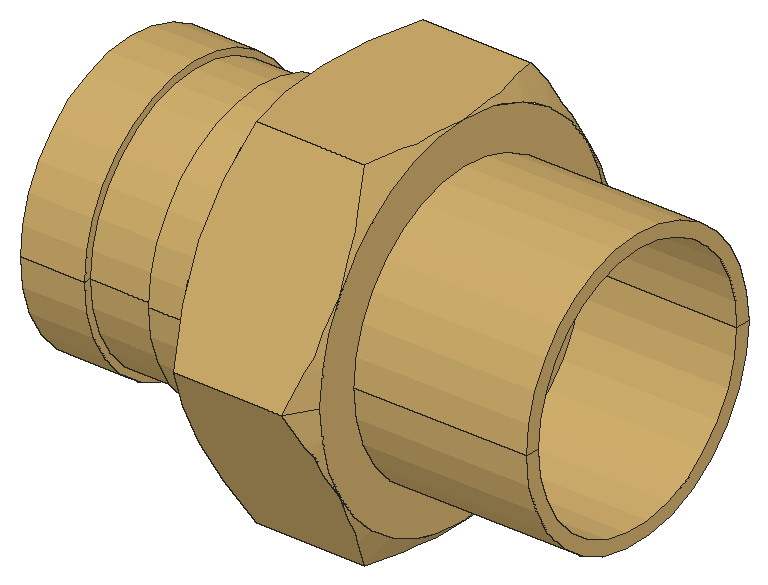
Revit family "UPEX_Conector_Mac", category Pipe Fittings, Revit 2025
Family settings
  Round Connector Dimension = Use Radius
  Part Type = Cap
  OmniClass Number = 23.60.30.11.14
  OmniClass Title = Pipework Fittings
  Work Plane-Based = No
  Always vertical = Yes
  Cut with Voids When Loaded = No
  Shared = No
Parameters
  URL = "https://www.ultrapex.com.br/_files/ugd/9f3173_32d47a29bbff48b5af4781a5d529eee8.pdf"
  ULTRAPEX: Versão = "01"  # constant formula
  ULTRAPEX: Norma Técnica = "NBR 15939"  # constant formula
  ULTRAPEX: Descrição [instance] = size_lookup(LookupTable, "DES", "Produto Inexistente", DN1, DN2)  # "Conector Macho 16x1/2\" - ULTRAPEX"
  ULTRAPEX: Código [instance] = size_lookup(LookupTable, "COD", 0, DN1, DN2)  # 9031612
  Type Image = Conector Macho.jpg
  RN2 [instance] = 10 mm
  RN1 [instance] = 8 mm
  Material = Latão - Ultrapex
  LookupTable [instance] = "Conector Macho - ULTRAPEX"
  Lado Conector [instance] = 2 * ((Cota A / 2) * cos(60.00°))  # 15.05 mm
  IfcExportAs = "IfcPipeFittingType.CONNECTOR"  # constant formula
  Manufacturer = "UltraPEX"  # constant formula
  Default Elevation = 0 mm
  Description = "Conector Macho - ULTRAPEX"
  RR2 [instance] = DN2 / 2  # 10.05 mm
  DN3 [instance] = ((Cota A / 2) * sin(60.00°))  # 13.034 mm
  DN2 Nominal [instance] = RN2 * 2  # 20 mm
  DN2 [instance] = if(DN2 Nominal = 20 mm, 20.1 mm, if(DN2 Nominal = 25 mm, 26.4 mm, if(DN2 Nominal = 32 mm, 33.4 mm, 20 mm)))  # 20.1 mm
  DN1 [instance] = RN1 * 2  # 16 mm
  Cota E [instance] = Cota B - Cota C - Cota D  # 10.2 mm
  Cota D [instance] = size_lookup(LookupTable, "D", 14 mm, DN1)  # 14 mm
  Cota C [instance] = size_lookup(LookupTable, "C", 12.6 mm, DN1, DN2)  # 12.6 mm
  Cota B [instance] = size_lookup(LookupTable, "B", 36.8 mm, DN1, DN2)  # 36.8 mm
  Cota A [instance] = size_lookup(LookupTable, "A", 25.6 mm, DN1, DN2)  # 30.1 mm
Reference planes
  plane 1 "Centro (Frente/Trás)": y = 0
  plane 2: z = 0
  plane 3 "Centro (Esquerda/Direita)": x = 0
  plane 4: x = 10.2
  plane 5: x = 22.8
Forms (mm)
  Revolve 1, solid, material "Latão - Ultrapex" <- "Material", detail levels fine
    sketch origin (17.307, 0, 0) x (0, 1, 0) y (-1, 0, 0)
      loop
        line (10.05, -5.493) -> (10.05, 7.107) -> (0, 7.107) -> (0, 5.822) -> (9.05, 5.822) -> (9.05, -5.493) -> (10.05, -5.493)
      axis (0, 7.107) -> (0, -5.493)
    angle from 0 to 360
  Extrusion 2, solid, material "Latão - Ultrapex" <- "Material", detail levels fine
    sketch origin (0, 0, 0) x (0, 1, 0) y (0, 0, 1)
      loop
        line (7.525, -13.034) -> (15.05, 0) -> (7.525, 13.034) -> (-7.525, 13.034) -> (-15.05, 0) -> (-7.525, -13.034) -> (7.525, -13.034)
    from 0 to 10.2 <- "Cota E"
  Sweep 3, void, detail levels fine
    path origin (0, 0, 0) x (0, 1, 0) y (0, 0, 1)
      loop
        circle (0, 0) r 13.034
    profile origin (0, 0, 13.034) x (0, 0, -1) y (1, 0, 0)
      loop
        line (2.015, -1.163) -> (-3.182, 1.837) -> (-3.182, -1.163) -> (2.015, -1.163)
  Sweep 4, void, detail levels fine
    path origin (10.2, -10.707, 4000) x (0, -1, 0) y (0, 0, 1)
      loop
        circle (-10.707, -4000) r 13.034
    profile origin (10.2, 0, -13.034) x (0, 0, -1) y (-1, 0, 0)
      loop
        line (-2.015, -1.163) -> (3.509, -1.163) -> (3.509, 2.026) -> (-2.015, -1.163)
Cuts and joins
  Sweep 3, Sweep 4 cuts Extrusion 2
Lines and regions (mm)
  model lines, style "PipeFittingCenterLine", detail levels coarse+medium
    curve 1: line (22.8, 0, 0) -> (0, 0, 0)
Dimensions and locks
  "Lado Conector": Extrusion 2 sketch curve to Extrusion 2 sketch curve  (x5)
  Extrusion 2 sketch curve to Extrusion 2 sketch curve = 15.05 mm
  "Cota C": plane 4 to plane 5
  locked: plane 4 to Revolve 1 sketch curve at 1.285
  equal spacing: Extrusion 2 sketch curve, plane 2, Extrusion 2 sketch curve
  locked: Revolve 1 sketch curve to Revolve 1 sketch curve at 1
  "Cota E": plane 3 "Centro (Esquerda/Direita)" to plane 4
  equal spacing: Extrusion 2 sketch curve, plane 1 "Centro (Frente/Trás)", Extrusion 2 sketch curve
  "RR2": plane 1 "Centro (Frente/Trás)" to Revolve 1 sketch curve
  "DN3": radius of Sweep 3 sketch curve
  "DN3": radius of Sweep 4 sketch curve
  locked: Extrusion 2 sketch curve to Extrusion 2 sketch curve (angle 120.00°)  (x4)
  angle Extrusion 2 sketch curve to Extrusion 2 sketch curve = 120.00°
  aligned and locked: plane 2 to level
  aligned and locked: plane 4 to Revolve 1 sketch curve
  aligned and locked: plane 5 to curve 1
  aligned and locked: plane 1 "Centro (Frente/Trás)" to curve 1
  aligned and locked: Revolve 1 sketch curve to plane 5
  aligned and locked: plane 3 "Centro (Esquerda/Direita)" to nested 1
Automatic sketch dimensions
  curve 1 to plane 3 "Centro (Esquerda/Direita)" = 0 mm
  profile plane to Sweep 3 sketch curve = 3.182 mm
  Sweep 3 sketch curve to profile plane = 2.015 mm
  Sweep 3 sketch curve to profile plane = 1.163 mm
  profile plane to Sweep 3 sketch curve = 1.837 mm
  profile plane to Sweep 4 sketch curve = 2.015 mm
  Sweep 4 sketch curve to profile plane = 1.163 mm
  Sweep 4 sketch curve to profile plane = 3.509 mm
  profile plane to Sweep 4 sketch curve = 2.026 mm
  plane 1 "Centro (Frente/Trás)" to Revolve 1 sketch curve = 0 mm  (x2)
  Revolve 1 sketch curve to plane 4 = 0 mm
  Revolve 1 sketch curve to plane 5 = 0.184 mm
  Extrusion 2 sketch curve to level = 0 mm
  Sweep 3 sketch curve to level = 0 mm
  Sweep 3 sketch curve to plane 1 "Centro (Frente/Trás)" = 0 mm
  Sweep 4 sketch curve to level = 0 mm
  Sweep 4 sketch curve to plane 1 "Centro (Frente/Trás)" = 0 mm
Nested families
  nested 1: "Anel Deslizante - ULTRAPEX" at (0, 0, 0) x (0, 1, 0) z (0, 0, 1), Diâmetro Nominal <- "DN1", type "Anel Deslizante - ULTRAPEX"
    with ULTRAPEX: Descrição "Anel Deslizante 16 mm - ULTRAPEX", ULTRAPEX: Código 9040016, Diâmetro Nominal 16 mm, DN 16 mm, Cota C 4.667 mm, Cota B 14 mm, Cota A 20 mm
Connectors
  piping at (0, 0, 0), diameter 16, driven by "RN1"
    settings: on nested 1, index 1, connector inside diameter 609.6 mm, connector length 0 mm, flow factor 0, pipe flow 0.0 L/s, pressure drop 0.0 Pa, fitting loss kfactor 0, connector angle 0.00°, fixture units 0, engagement length 0 mm, angle of deflection 0.00°, flow configuration 0, flow direction 0, fitting loss method 0, system type 28, joint type 0, gender type 0, connector reference index 2, connector utility 0, adjustable connector no, is connector primary yes, connector description ""
  piping at (22.8, 0, 0), diameter 20, driven by "RN2"
    settings: on Revolve 1, index 2, connector inside diameter 609.6 mm, connector length 0 mm, flow factor 0, pipe flow 0.0 L/s, pressure drop 0.0 Pa, fitting loss kfactor 0, connector angle 0.00°, fixture units 0, engagement length 0 mm, angle of deflection 0.00°, flow configuration 0, flow direction 0, fitting loss method 0, system type 28, joint type 0, gender type 0, connector reference index 1, connector utility 0, adjustable connector no, is connector primary no, connector description ""
Definition of nested family "Anel Deslizante - ULTRAPEX"
  Parameters (values of type "ANEL DESLIZANTE 16mm")
    URL = "https://www.ultrapex.com.br/_files/ugd/9f3173_32d47a29bbff48b5af4781a5d529eee8.pdf"
    ULTRAPEX: Versão = "00"  # constant formula
    ULTRAPEX: Norma Técnica = "NBR 15939"  # constant formula
    ULTRAPEX: Descrição [instance] = size_lookup(LookupTable, "DES", "Produto Inexistente", Diâmetro Nominal)  # "Anel Deslizante 16 mm - ULTRAPEX"
    ULTRAPEX: Código [instance] = size_lookup(LookupTable, "COD", 0, Diâmetro Nominal)  # 9040016
    Type Image = element 360694
    Material = none
    LookupTable = "Anel Deslizante - ULTRAPEX"  # constant formula
    IfcExportAs = "IfcPipeFittingType.CONNECTOR"  # constant formula
    Manufacturer = "UltraPEX"  # constant formula
    Default Elevation = 0 mm
    Diâmetro Nominal [instance] = 16 mm
    Description = "Anel Deslizante - ULTRAPEX"
    DN [instance] = size_lookup(LookupTable, "DN", 16 mm, Diâmetro Nominal)  # 16 mm
    Cota C [instance] = Cota B / 3  # 4.667 mm
    Cota B [instance] = size_lookup(LookupTable, "B", 14 mm, Diâmetro Nominal)  # 14 mm
    Cota A [instance] = size_lookup(LookupTable, "A", 20 mm, Diâmetro Nominal)  # 20 mm
  Reference planes
    plane 1 "Centro (Frente/Trás)": y = 0
    plane 2: z = 0
    plane 3 "Centro (Esquerda/Direita)": x = 0
    plane 4: x = 8
    plane 5: x = -8
    plane 6: x = -10
    plane 7: x = 10
    plane 8: y = 14
  Forms (mm)
    Revolve 1, solid, material <- "Material", detail levels fine
      sketch origin (0, 0, 0) x (1, 0, 0) y (0, 1, 0)
        loop
          line (10, 0) -> (10, 14) -> (8, 14) -> (8, 0) -> (10, 0)
        axis (0, 0) -> (0, 14)
      angle from 0 to 360
    Revolve 2, void
      sketch origin (0, 0, 0) x (1, 0, 0) y (0, 1, 0)
        loop
          line (-10.952, 9.333) -> (-10.952, 4.667) -> (-9.524, 4.667) -> (-9.524, 9.333) -> (-10.952, 9.333)
        axis (0, 4.667) -> (0, 9.333)
      angle from 0 to 360
  Cuts and joins
    Revolve 2 cuts Revolve 1
  Lines and regions (mm)
    model lines, detail levels coarse+medium
      curve 1: line (0, 0, 0) -> (0, 14, 0)
  Dimensions and locks
    "DN": plane 5 to plane 4
    "Cota A": plane 6 to plane 7
    equal spacing: plane 6, plane 3 "Centro (Esquerda/Direita)", plane 7
    equal spacing: plane 5, plane 3 "Centro (Esquerda/Direita)", plane 4
    "Cota B": plane 1 "Centro (Frente/Trás)" to plane 8
    "Cota C": Revolve 2 sketch curve to plane 8
    "Cota C": plane 1 "Centro (Frente/Trás)" to Revolve 2 sketch curve
    locked: plane 6 to Revolve 2 sketch curve at 0.476
    locked: Revolve 2 sketch curve to Revolve 2 sketch curve at 1.428
    aligned and locked: level to plane 2
    aligned and locked: plane 3 "Centro (Esquerda/Direita)" to Revolve 1 sketch curve
    aligned and locked: Revolve 1 sketch curve to plane 7
    aligned and locked: plane 4 to Revolve 1 sketch curve
    aligned and locked: plane 1 "Centro (Frente/Trás)" to Revolve 1 sketch curve
    aligned and locked: plane 8 to Revolve 1 sketch curve
    aligned and locked: plane 8 to curve 1
    aligned and locked: plane 1 "Centro (Frente/Trás)" to curve 1
  Automatic sketch dimensions
    plane 1 "Centro (Frente/Trás)" to Revolve 1 sketch curve = 0 mm
    Revolve 1 sketch curve to Revolve 1 sketch curve = 0 mm
    curve 1 to plane 3 "Centro (Esquerda/Direita)" = 0 mm
    Revolve 2 sketch curve to plane 3 "Centro (Esquerda/Direita)" = 0 mm
    plane 1 "Centro (Frente/Trás)" to Revolve 2 sketch curve = 0 mm
    plane 8 to Revolve 2 sketch curve = 2.253 mm
